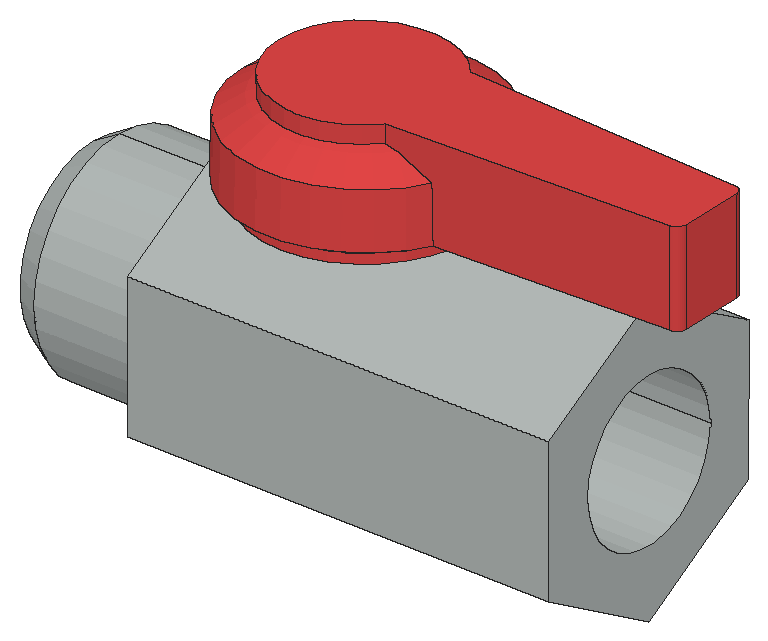
Revit family "QL10070000", category Apparecchi idraulici, Revit 2020
Family settings
  Quota connettore circolare = Usa diametro
  Tipo di parte = Normale
  Numero OmniClass = 23.45.00.00
  Titolo OmniClass = Sanitary, Laundry, and Cleaning Equipment
  Basato su piano di lavoro = No
  Sempre verticale = Sì
  Taglio con vuoti quando caricato = No
  Condiviso = No
  Punto di calcolo locali = No
Parameters
  URL = "https://web.cimberio.com/index.php/figura/966?subcategoria_id=47"
  Temperatura di esercizio = "-20 ÷ 95°C"
  Prospetto di default = 0 mm
  Produttore = "CIMBERIO SPA"
  Pressione nominale = "PN 150"
  Modello = "Cim 012RS34"
  Materiale = "Prodotto in lega di ottone conforme alla norma EN 12165-CW617N-DW"
  Descrizione = "Realizzato in ottemperanza ai requisiti gestionali della norma EN ISO 9001.\r\nUtilizzato per la regolazione della temperatura degli ambienti e comandare apparecchi degli impianti di riscaldamento e condizionamento."
  DN Model [instance] = QL10071015 : QL10071015
  DN [instance] = 15 mm
  Commenti sul tipo = "Utilizzato nei più svariati settori dell'impiantistica: impianti di riscaldamento, condizionamento, idrici, igienico-sanitari, aria compressa e in generale con ogni fluido non corrosivo"
Reference planes
  plane 1 "Centro (Fronte/Retro)": y = 0
  plane 2: z = 0
  plane 3 "Centro (Sinistra/Destra)": x = 0
Dimensions and locks
  aligned and locked: level to plane 2
Nested families
  nested 1: "QL10071015" at (0, 0, 0), type <- "DN Model", type "QL10071015"
  nested 2: "QL10071015" at (0, 0, 0), type <- "DN Model", type "QL10071015"
  nested 3: "QL10071015" at (0, 0, 0), type <- "DN Model", type "QL10071015"
Connectors
  piping at (25.957, 0, 14), diameter 15, driven by "DN"
    settings: on nested 1, index 1, connector inside diameter 609.6 mm, connector length 0 mm, flow factor 0, pipe flow 0.0 L/s, pressure drop 0.0 Pa, fitting loss kfactor 0, connector angle 0.00°, fixture units 0, engagement length 0 mm, angle of deflection 0.00°, flow configuration 0, flow direction 0, fitting loss method 0, system type 7, joint type 0, gender type 0, connector reference index -1, connector utility 0, adjustable connector no, is connector primary yes, connector description ""
  piping at (-27.762, 0, 11.892), diameter 15, driven by "DN"
    settings: on nested 1, index 2, connector inside diameter 609.6 mm, connector length 0 mm, flow factor 0, pipe flow 0.0 L/s, pressure drop 0.0 Pa, fitting loss kfactor 0, connector angle 0.00°, fixture units 0, engagement length 0 mm, angle of deflection 0.00°, flow configuration 0, flow direction 0, fitting loss method 0, system type 7, joint type 0, gender type 0, connector reference index -1, connector utility 0, adjustable connector no, is connector primary no, connector description ""
Definition of nested family "QL10071015"
  Parameters (values of type "QL10071015")
    URL = "https://web.cimberio.com/index.php/figura/1418?subcategoria_id="
    Temperatura di esercizio = "-10 ÷ 110°C"
    Default Elevation = 0 mm
    Manufacturer = "CIMBERIO SPA"
    Pressione nominale = "PN 10"
    Model = "Cim 150VIC"
    Materiale = "Prodotto in lega di ottone conforme alla norma EN 12165-CW617N-DW"
    Description = "Utilizzato nei più svariati settori dell'impiantistica: impianti di riscaldamento, condizionamento, idrici, igienico-sanitari e in generale con ogni fluido non corrosivo"
    DN Model [instance] = HG00081015 : HG00081015
    DN [instance] = 15 mm
    Type Comments = "Realizzato in ottemperanza ai requisiti gestionali della norma EN ISO 9001.\r\nCollaudato al 100% secondo la normativa EN 12266-1"
  Reference planes
    plane 1 "Centro (Fronte/Retro)": y = 0
    plane 2: z = 0
    plane 3 "Centro (Sinistra/Destra)": x = 0
  Forms (mm)
    Extrusion 1, solid
      sketch origin (0, 0, 14) x (0, 1, 0) y (0, 0, 1)
        loop
          circle (0, 0) r 7.5
        loop
          line (0, 14) -> (-12.124, 7) -> (-12.124, -7) -> (0, -14) -> (12.124, -7) -> (12.124, 7) -> (0, 14)
      from -15.043 to 25.957
    Revolve 2, solid
      sketch origin (0.156, 0, -0.02) x (1, 0, 0) y (0, 0, 1)
        loop
          line (-13.65, 29.159) -> (-12.068, 28.245) -> (-12.068, 27.3) -> (-1.75, 27.3) -> (-1.75, 38.235)
          arc (-1.75, 38.235) -> (-7.968, 37.443) -> (-13.555, 34.603) r 18.326
          line (-13.555, 34.603) -> (-13.65, 29.159)
        axis (-1.75, 27.3) -> (-1.75, 38.235)
      angle from 0 to 360
    Revolve 3, solid
      sketch origin (-0.985, 0, 0) x (1, 0, 0) y (0, 0, 1)
        loop
          line (-14.058, 24.427) -> (-24.564, 24.422) -> (-27.063, 22.977) -> (-27.063, 21.5) -> (-14.058, 21.5) -> (-14.058, 24.427)
        axis (-14.058, 14) -> (-27.063, 14)
      angle from 0 to 360
    Extrusion 4, solid
      sketch origin (0, 0, 0) x (1, 0, 0) y (0, 1, 0)
        loop
          arc (32.236, 2.839) -> (31.973, 3.496) -> (31.329, 3.79) r 0.952
          line (31.329, 3.79) -> (4.556, 5.008)
          arc (4.556, 5.008) -> (-9.867, -0.203) -> (4.556, -5.415) r 8.153
          line (4.556, -5.415) -> (31.329, -4.197)
          arc (31.329, -4.197) -> (31.973, -3.903) -> (32.236, -3.246) r 0.952
          line (32.236, -3.246) -> (32.236, 2.839)
      from 29.139 to 38.232
  Dimensions and locks
    aligned and locked: level to plane 2
